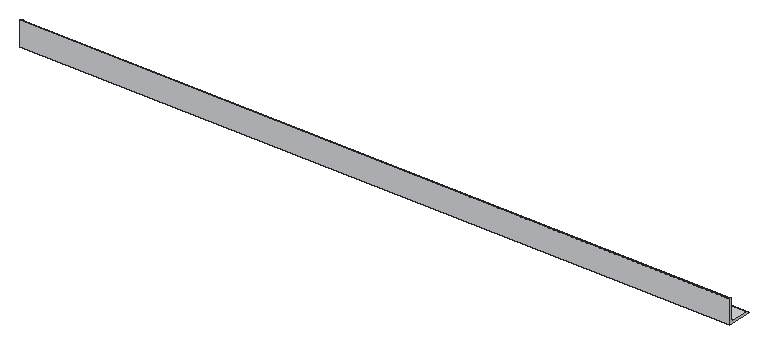
Revit family "AVLN_Набор перемычек", category Обобщенные модели, Revit 2021 (continued)
Types (54, lengths in mm): name | Элемент 9(3) | Элемент 8(2) | Элемент 6(1) | Элемент 5(1) | Элемент 4(1) | Элемент 3(1) | Элемент 2(1) | Элемент 1(1) | Ширина проема Элементы8(2)_9(3) | Элементы соединительные(3) | Шаг анкера | Стена_толщина | Полка_правая | Полка_левая | Отступ анкера | Комментарии к типоразмеру | Количество анкеров на уголок | Горизонтальное смещение Элемент1-6(1) | Расчетное расстояние от произвольной плоскости | Соединительные Привязка_Элемент 9(3) | Количество соединительные Элементы 9(3) | Высота Элемент 8(2) | Элементы крепления(2) | Отступ Элемент 8(2) | Высота Элемент 9(3) | Элемент 5(1)_Видимость | Элемент 4(1)_Видимость | Элемент 3(1)_Видимость | Элемент 2(1)_Видимость | Высота Элемент 1(1) | Отступ от 5 до 6 | Отступ от 4 до 5 | Отступ от 3 до 4 | Отступ от 2 до 3 | Отступ от 1 до 2 | Отступ до Элемент 1 | Крепление_Справа_Видимость | Крепление_Справа(2) | Крепление_Слева_Видимость | Крепление_Слева(2) | Количество горизонтальных элементов | Высота Анкер | Анкер_справа_3_Видимость | Анкер_справа_2_видимость | Анкер_справа_1_видимость | Анкер_слева_3_видимость | Анкер_слева_2_видимость | Анкер_слева_1_видимость | Анкер справа | Анкер слева
  АР1.2_ПР13_ПСБ_190_870 | Перемычки - Пластина (ГОСТ 103-76) : 50х4, L=120 | Перемычки - Уголок (ГОСТ 8509-93) : 160х10, L=190 | Перемычки - Уголок (ГОСТ 8509-93) : 125х8, L=200 | Перемычки - Арматура (ГОСТ 34028-2016) : АIII ∅12, L=1500 | Перемычки - Арматура (ГОСТ 34028-2016) : АIII ∅12, L=1500 | Перемычки - Арматура (ГОСТ 34028-2016) : АIII ∅12, L=1500 | Перемычки ЖБ : ПСБ 870х190х180 | Перемычки ЖБ : ПСБ 870х190х180 | 870 | no | 70 | 190 | 0 | 0 | 25 | "Перемычка_Фасад" | 3 | 0 | 2500 | 185 | 2 | -2.6 | yes | 0 | -4 | no | no | no | no | 0 | 0 | 0 | 0 | 0 | 112 | 0 | yes | yes | yes | yes | 1 | 30 | yes | yes | yes | no | no | no | yes | no
  АР1.1_ПР4_А_200_1400 | Перемычки - Пластина (ГОСТ 103-76) : 50х4, L=200 | Перемычки - Уголок (ГОСТ 8509-93) : 80х6, L=200 | Перемычки - Уголок (ГОСТ 8509-93) : 80х6, L=200 | Перемычки - Арматура (ГОСТ 34028-2016) : АIII ∅12, L=1300 | Перемычки - Арматура (ГОСТ 34028-2016) : АIII ∅12, L=1300 | Перемычки - Арматура (ГОСТ 34028-2016) : АIII ∅12, L=1300 | Перемычки - Арматура (ГОСТ 34028-2016) : АIII ∅12, L=1300 | Перемычки - Арматура (ГОСТ 34028-2016) : АIII ∅12, L=1300 | 900 | no | 70 | 200 | 200 | 200 | 25 | 0 | 3 | 0 | 2500 | 200 | 2 | -2.6 | no | 0 | -4 | yes | yes | yes | yes | 0 | 0 | 45 | 45 | 45 | 45 | 4 | no | no | no | no | 5 | 30 | no | no | no | no | no | no | no | no
  АР1.1_ПР11_У_200_3950 | Перемычки - Пластина (ГОСТ 103-76) : 50х4, L=200 | Перемычки - Уголок (ГОСТ 8509-93) : 100х7, L=200 | Перемычки - Уголок (ГОСТ 8509-93) : 100х7, L=200 | Перемычки - Арматура (ГОСТ 34028-2016) : АIII ∅12, L=1500 | Перемычки - Арматура (ГОСТ 34028-2016) : АIII ∅12, L=1500 | Перемычки - Арматура (ГОСТ 34028-2016) : АIII ∅12, L=1500 | Перемычки - Уголок (ГОСТ 8509-93)(Зеркальный) : 75х6, L=3950(Зеркальный) | Перемычки - Уголок (ГОСТ 8509-93) : 75х6, L=3950 | 3080 | yes | 60 | 200 | 435 | 435 | 30 | "Перемычка_Фасад" | 3 | 0 | 2500 | 40 | 7 | 0 | yes | 0 | -4 | no | no | no | yes | 0 | 0 | 0 | 0 | 0 | 188 | 6 | yes | yes | yes | yes | 2 | 30 | yes | yes | yes | yes | yes | yes | yes | yes
  АР1.1_ПР7_У_200_2125 | Перемычки - Пластина (ГОСТ 103-76) : 50х4, L=200 | Перемычки - Уголок (ГОСТ 8509-93) : 80х6, L=200 | Перемычки - Уголок (ГОСТ 8509-93) : 80х6, L=200 | Перемычки - Арматура (ГОСТ 34028-2016) : АIII ∅12, L=1500 | Перемычки - Арматура (ГОСТ 34028-2016) : АIII ∅12, L=1500 | Перемычки - Арматура (ГОСТ 34028-2016) : АIII ∅12, L=1500 | Перемычки - Уголок (ГОСТ 8509-93)(Зеркальный) : 40х4, L=2125(Зеркальный) | Перемычки - Уголок (ГОСТ 8509-93) : 40х4, L=2125 | 1650 | yes | 60 | 200 | 250 | 225 | 30 | "Перемычка_Фасад" | 3 | 12.5 | 2512.5 | 75 | 4 | 0 | yes | 0 | -4 | no | no | no | yes | 0 | 0 | 0 | 0 | 0 | 192 | 4 | no | no | yes | yes | 2 | 30 | no | no | no | yes | yes | yes | no | yes
  АР1.1_ПР2_У_200_1070 | Перемычки - Пластина (ГОСТ 103-76) : 50х4, L=200 | Перемычки - Уголок (ГОСТ 8509-93) : 80х6, L=200 | Перемычки - Уголок (ГОСТ 8509-93) : 80х6, L=200 | Перемычки - Арматура (ГОСТ 34028-2016) : АIII ∅12, L=1500 | Перемычки - Арматура (ГОСТ 34028-2016) : АIII ∅12, L=1500 | Перемычки - Арматура (ГОСТ 34028-2016) : АIII ∅12, L=1500 | Перемычки - Уголок (ГОСТ 8509-93)(Зеркальный) : 40х4, L=1070(Зеркальный) | Перемычки - Уголок (ГОСТ 8509-93) : 40х4, L=1070 | 870 | yes | 70 | 200 | 200 | 0 | 25 | "Перемычка_Фасад" | 3 | 100 | 2600 | 185 | 2 | -2.6 | yes | 0 | -4 | no | no | no | yes | 0 | 0 | 0 | 0 | 0 | 192 | 4 | no | no | yes | yes | 2 | 30 | no | no | no | yes | yes | yes | no | yes
  АР1.1_ПР9_У_200_2110 | Перемычки - Пластина (ГОСТ 103-76) : 50х4, L=200 | Перемычки - Уголок (ГОСТ 8509-93) : 80х6, L=200 | Перемычки - Уголок (ГОСТ 8509-93) : 80х6, L=200 | Перемычки - Арматура (ГОСТ 34028-2016) : АIII ∅12, L=1500 | Перемычки - Арматура (ГОСТ 34028-2016) : АIII ∅12, L=1500 | Перемычки - Арматура (ГОСТ 34028-2016) : АIII ∅12, L=1500 | Перемычки - Уголок (ГОСТ 8509-93)(Зеркальный) : 50х5, L=2110(Зеркальный) | Перемычки - Уголок (ГОСТ 8509-93) : 50х5, L=2110 | 1910 | yes | 70 | 200 | 0 | 200 | 25 | "Перемычка_Фасад" | 3 | -100 | 2400 | 205 | 4 | -2.6 | no | 0 | -4 | no | no | no | yes | 0 | 0 | 0 | 0 | 0 | 190 | 5 | no | no | no | no | 2 | 30 | no | no | no | no | no | no | no | no
  АР1.1_ПР1_У_200_1070 | Перемычки - Пластина (ГОСТ 103-76) : 50х4, L=200 | Перемычки - Уголок (ГОСТ 8509-93) : 80х6, L=200 | Перемычки - Уголок (ГОСТ 8509-93) : 80х6, L=200 | Перемычки - Арматура (ГОСТ 34028-2016) : АIII ∅12, L=1500 | Перемычки - Арматура (ГОСТ 34028-2016) : АIII ∅12, L=1500 | Перемычки - Арматура (ГОСТ 34028-2016) : АIII ∅12, L=1500 | Перемычки - Уголок (ГОСТ 8509-93)(Зеркальный) : 40х4, L=1070(Зеркальный) | Перемычки - Уголок (ГОСТ 8509-93) : 40х4, L=1070 | 870 | yes | 70 | 200 | 200 | 0 | 25 | "Перемычка_Фасад" | 3 | 100 | 2600 | 185 | 2 | -2.6 | no | 0 | -4 | no | no | no | yes | 0 | 0 | 0 | 0 | 0 | 192 | 4 | no | no | no | no | 2 | 30 | no | no | no | no | no | no | no | no
  АР1.1_ПР3_У_200_1270 | Перемычки - Пластина (ГОСТ 103-76) : 50х4, L=200 | Перемычки - Уголок (ГОСТ 8509-93) : 160х10, L=190 | Перемычки - Уголок (ГОСТ 8509-93) : 160х10, L=190 | Перемычки - Арматура (ГОСТ 34028-2016) : АIII ∅12, L=1500 | Перемычки - Арматура (ГОСТ 34028-2016) : АIII ∅12, L=1500 | Перемычки - Арматура (ГОСТ 34028-2016) : АIII ∅12, L=1500 | Перемычки - Уголок (ГОСТ 8509-93)(Зеркальный) : 40х4, L=1270(Зеркальный) | Перемычки - Уголок (ГОСТ 8509-93) : 40х4, L=1270 | 870 | yes | 60 | 200 | 200 | 200 | 30 | "Перемычка_Фасад" | 2 | 0 | 2500 | 185 | 2 | 0 | no | 0 | -4 | no | no | no | yes | 0 | 0 | 0 | 0 | 0 | 192 | 4 | no | no | no | no | 2 | 30 | no | no | no | no | no | no | no | no
  АР1.1_ПР10_У_200_2410 | Перемычки - Пластина (ГОСТ 103-76) : 50х4, L=200 | Перемычки - Уголок (ГОСТ 8509-93) : 160х10, L=190 | Перемычки - Уголок (ГОСТ 8509-93) : 160х10, L=190 | Перемычки - Арматура (ГОСТ 34028-2016) : АIII ∅12, L=1500 | Перемычки - Арматура (ГОСТ 34028-2016) : АIII ∅12, L=1500 | Перемычки - Арматура (ГОСТ 34028-2016) : АIII ∅12, L=1500 | Перемычки - Уголок (ГОСТ 8509-93)(Зеркальный) : 50х5, L=2410(Зеркальный) | Перемычки - Уголок (ГОСТ 8509-93) : 50х5, L=2410 | 1910 | yes | 60 | 200 | 250 | 250 | 30 | "Перемычка_Фасад" | 2 | 0 | 2500 | 205 | 4 | 0 | no | 0 | -4 | no | no | no | yes | 0 | 0 | 0 | 0 | 0 | 190 | 5 | no | no | no | no | 2 | 30 | no | no | no | no | no | no | no | no
  АР1.1_ПР5_У_200_1470 | Перемычки - Пластина (ГОСТ 103-76) : 50х4, L=200 | Перемычки - Уголок (ГОСТ 8509-93) : 80х6, L=200 | Перемычки - Уголок (ГОСТ 8509-93) : 80х6, L=200 | Перемычки - Арматура (ГОСТ 34028-2016) : АIII ∅12, L=1500 | Перемычки - Арматура (ГОСТ 34028-2016) : АIII ∅12, L=1500 | Перемычки - Арматура (ГОСТ 34028-2016) : АIII ∅12, L=1500 | Перемычки - Уголок (ГОСТ 8509-93)(Зеркальный) : 40х4, L=1470(Зеркальный) | Перемычки - Уголок (ГОСТ 8509-93) : 40х4, L=1470 | 1070 | yes | 60 | 200 | 200 | 200 | 30 | "Перемычка_Фасад" | 3 | 0 | 2500 | 35 | 3 | 0 | no | 0 | -4 | no | no | no | yes | 0 | 0 | 0 | 0 | 0 | 192 | 4 | no | no | no | no | 2 | 30 | no | no | no | no | no | no | no | no
  АР1.1_ПР6_У_200_2020 | Перемычки - Пластина (ГОСТ 103-76) : 50х4, L=200 | Перемычки - Уголок (ГОСТ 8509-93) : 160х10, L=190 | Перемычки - Уголок (ГОСТ 8509-93) : 160х10, L=190 | Перемычки - Арматура (ГОСТ 34028-2016) : АIII ∅12, L=1500 | Перемычки - Арматура (ГОСТ 34028-2016) : АIII ∅12, L=1500 | Перемычки - Арматура (ГОСТ 34028-2016) : АIII ∅12, L=1500 | Перемычки - Уголок (ГОСТ 8509-93)(Зеркальный) : 40х4, L=2020(Зеркальный) | Перемычки - Уголок (ГОСТ 8509-93) : 40х4, L=2020 | 1520 | yes | 60 | 200 | 250 | 250 | 30 | "Перемычка_Фасад" | 2 | 0 | 2500 | 10 | 4 | 0 | no | 0 | -4 | no | no | no | yes | 0 | 0 | 0 | 0 | 0 | 192 | 4 | no | no | no | no | 2 | 30 | no | no | no | no | no | no | no | no
  АР1.1_ПР8_У_200_2150 | Перемычки - Пластина (ГОСТ 103-76) : 50х4, L=200 | Перемычки - Уголок (ГОСТ 8509-93) : 160х10, L=190 | Перемычки - Уголок (ГОСТ 8509-93) : 160х10, L=190 | Перемычки - Арматура (ГОСТ 34028-2016) : АIII ∅12, L=1500 | Перемычки - Арматура (ГОСТ 34028-2016) : АIII ∅12, L=1500 | Перемычки - Арматура (ГОСТ 34028-2016) : АIII ∅12, L=1500 | Перемычки - Уголок (ГОСТ 8509-93)(Зеркальный) : 40х4, L=2150(Зеркальный) | Перемычки - Уголок (ГОСТ 8509-93) : 40х4, L=2150 | 1650 | yes | 60 | 200 | 250 | 250 | 30 | "Перемычка_Фасад" | 2 | 0 | 2500 | 75 | 4 | 0 | no | 0 | -4 | no | no | no | yes | 0 | 0 | 0 | 0 | 0 | 192 | 4 | no | no | no | no | 2 | 30 | no | no | no | no | no | no | no | no
  АР1.2_ПР16_ПСБ_190_1270 | Перемычки - Пластина (ГОСТ 103-76) : 50х4, L=120 | Перемычки - Уголок (ГОСТ 8509-93) : 160х10, L=190 | Перемычки - Уголок (ГОСТ 8509-93) : 160х10, L=190 | Перемычки - Арматура (ГОСТ 34028-2016) : АIII ∅12, L=1500 | Перемычки - Арматура (ГОСТ 34028-2016) : АIII ∅12, L=1500 | Перемычки - Арматура (ГОСТ 34028-2016) : АIII ∅12, L=1500 | Перемычки - Арматура (ГОСТ 34028-2016) : АIII ∅12, L=1500 | Перемычки ЖБ : ПСБ 1270х190х180 | 870 | no | 60 | 190 | 200 | 200 | 30 | "Перемычка_Фасад" | 2 | 0 | 2500 | 185 | 2 | 0 | no | 0 | -4 | no | no | no | no | 0 | 0 | 0 | 0 | 0 | 112 | 0 | no | no | no | no | 1 | 30 | no | no | no | no | no | no | no | no
  АР1.2_ПР20_ПСБ_190_2310 | Перемычки - Пластина (ГОСТ 103-76) : 50х4, L=120 | Перемычки - Уголок (ГОСТ 8509-93) : 160х10, L=190 | Перемычки - Уголок (ГОСТ 8509-93) : 160х10, L=190 | Перемычки - Арматура (ГОСТ 34028-2016) : АIII ∅12, L=1500 | Перемычки - Арматура (ГОСТ 34028-2016) : АIII ∅12, L=1500 | Перемычки - Арматура (ГОСТ 34028-2016) : АIII ∅12, L=1500 | Перемычки - Арматура (ГОСТ 34028-2016) : АIII ∅12, L=1500 | Перемычки ЖБ : ПСБ 2310х190х180 | 1910 | no | 60 | 190 | 200 | 200 | 30 | "Перемычка_Фасад" | 2 | 0 | 2500 | 455 | 3 | 0 | no | 0 | -4 | no | no | no | no | 0 | 0 | 0 | 0 | 0 | 112 | 0 | no | no | no | no | 1 | 30 | no | no | no | no | no | no | no | no
  АР1.2_ПР14_ПСБ_190_1070 | Перемычки - Пластина (ГОСТ 103-76) : 50х4, L=120 | Перемычки - Уголок (ГОСТ 8509-93) : 160х10, L=190 | Перемычки - Уголок (ГОСТ 8509-93) : 125х8, L=200 | Перемычки - Арматура (ГОСТ 34028-2016) : АIII ∅12, L=1500 | Перемычки - Арматура (ГОСТ 34028-2016) : АIII ∅12, L=1500 | Перемычки - Арматура (ГОСТ 34028-2016) : АIII ∅12, L=1500 | Перемычки - Арматура (ГОСТ 34028-2016) : АIII ∅12, L=1500 | Перемычки ЖБ : ПСБ 1070х190х180 | 870 | no | 70 | 190 | 200 | 0 | 25 | "Перемычка_Фасад" | 3 | 100 | 2600 | 185 | 2 | -2.6 | yes | 0 | -4 | no | no | no | no | 0 | 0 | 0 | 0 | 0 | 112 | 0 | no | no | yes | yes | 1 | 30 | no | no | no | no | no | no | no | no
  АР1.2_ПР18_ПСБ_190_2110 | Перемычки - Пластина (ГОСТ 103-76) : 50х4, L=120 | Перемычки - Уголок (ГОСТ 8509-93) : 160х10, L=190 | Перемычки - Уголок (ГОСТ 8509-93) : 125х8, L=200 | Перемычки - Арматура (ГОСТ 34028-2016) : АIII ∅12, L=1500 | Перемычки - Арматура (ГОСТ 34028-2016) : АIII ∅12, L=1500 | Перемычки - Арматура (ГОСТ 34028-2016) : АIII ∅12, L=1500 | Перемычки - Арматура (ГОСТ 34028-2016) : АIII ∅12, L=1500 | Перемычки ЖБ : ПСБ 2110х190х180 | 1910 | no | 70 | 190 | 0 | 200 | 25 | "Перемычка_Фасад" | 3 | -100 | 2400 | 455 | 3 | -2.6 | yes | 0 | -4 | no | no | no | no | 0 | 0 | 0 | 0 | 0 | 112 | 0 | yes | yes | no | no | 1 | 30 | no | no | no | no | no | no | no | no
  АР1.2_ПР17_ПСБ_190_2050 | Перемычки - Пластина (ГОСТ 103-76) : 50х4, L=120 | Перемычки - Уголок (ГОСТ 8509-93) : 160х10, L=190 | Перемычки - Уголок (ГОСТ 8509-93) : 160х10, L=190 | Перемычки - Арматура (ГОСТ 34028-2016) : АIII ∅12, L=1500 | Перемычки - Арматура (ГОСТ 34028-2016) : АIII ∅12, L=1500 | Перемычки - Арматура (ГОСТ 34028-2016) : АIII ∅12, L=1500 | Перемычки - Арматура (ГОСТ 34028-2016) : АIII ∅12, L=1500 | Перемычки ЖБ : ПСБ 2050х190х180 | 1650 | no | 60 | 190 | 200 | 200 | 30 | "Перемычка_Фасад" | 2 | 0 | 2500 | 325 | 3 | 0 | no | 0 | -4 | no | no | no | no | 0 | 0 | 0 | 0 | 0 | 112 | 0 | no | no | no | no | 1 | 30 | no | no | no | no | no | no | no | no
  !_Для копирования | Перемычки - Пластина (ГОСТ 103-76) : 80х6, L=250 | Перемычки - Уголок (ГОСТ 8509-93)(Поворот.Зеркальный) : 125х8, L=200(Пов. 180) | Перемычки - Уголок (ГОСТ 8509-93) : 125х8, L=200 | Перемычки - Арматура (ГОСТ 34028-2016) : АIII ∅16, L=1110 | Перемычки ЖБ : 4ПБ48-8-П *4380 | Перемычки ЖБ : 2ПБ10-1-П *830 | Перемычки ЖБ : 2ПБ13-1-П *1090 | Перемычки ЖБ : 2ПБ13-1-П *1090 | 1090 | no | 150 | 300 | 0 | 0 | 50 | 0 | 2 | 0 | 2500 | 295 | 2 | -2.6 | yes | 105 | 0 | no | no | no | no | 50 | 140 | 130 | 146.078 | 165 | 125 | 50 | yes | yes | yes | yes | 1 | 50 | no | yes | yes | no | no | no | yes | no
  АР0_ПР1_А_120_1500 | Перемычки - Пластина (ГОСТ 103-76) : 50х4, L=80 | Перемычки - Уголок (ГОСТ 8509-93) : 80х6, L=120 | Перемычки - Уголок (ГОСТ 8509-93) : 125х8, L=200 | Перемычки ЖБ : 3ПБ27-8-П *2380 | Перемычки - Арматура (ГОСТ 34028-2016) : АIII ∅12, L=1500 | Перемычки - Арматура (ГОСТ 34028-2016) : АIII ∅12, L=1500 | Перемычки - Арматура (ГОСТ 34028-2016) : АIII ∅12, L=1500 | Перемычки - Арматура (ГОСТ 34028-2016) : АIII ∅12, L=1500 | 1100 | no | 60 | 120 | 200 | 200 | 30 | 0 | 2 | 0 | 2500 | 300 | 2 | -2.6 | no | 0 | 0 | no | yes | yes | yes | 0 | 0 | 0 | 33 | 34 | 33 | 4 | no | no | no | no | 4 | 30 | no | no | no | no | no | no | no | no
